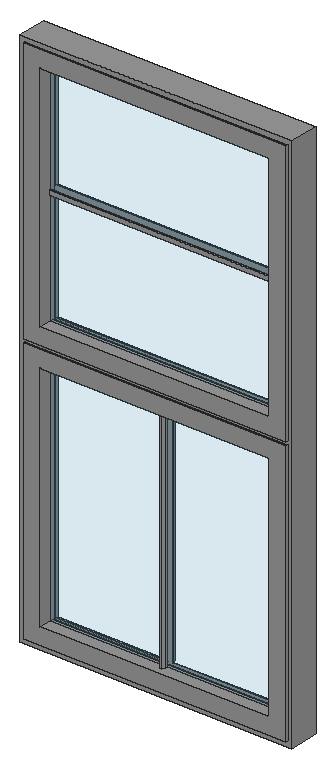
Revit family "Kawneer_Window_GT70s_Pos0081", category Windows, host Wall, Revit 2020 (continued)
Definition of nested family "Kawneer_GT70s_Pos008"
  Definition of nested family "Kawneer_GT70s_Jamb8"
    Lines and regions (mm)
      model lines, in view "Ref. Level", detail levels fine
        curve 290: arc (-18.474, 4, 0) -> (-18.12, 4.146, 0) -> (-17.974, 4.5, 0) r 0.5
        curve 291: arc (-20.374, 4.5, 0) -> (-20.227, 4.146, 0) -> (-19.874, 4, 0) r 0.5
        curve 292: arc (-20.174, 5, 0) -> (-20.315, 4.941, 0) -> (-20.374, 4.8, 0) r 0.2
        curve 293: arc (-19.674, 5, 0) -> (-19.32, 5.146, 0) -> (-19.174, 5.5, 0) r 0.5
        curve 294: arc (-19.174, 6.1, 0) -> (-19.32, 6.454, 0) -> (-19.674, 6.6, 0) r 0.5
        curve 295: arc (-23.774, 6.6, 0) -> (-24.127, 6.454, 0) -> (-24.274, 6.1, 0) r 0.5
        curve 296: arc (-24.274, 5.5, 0) -> (-24.127, 5.146, 0) -> (-23.774, 5, 0) r 0.5
        curve 297: arc (-23.274, 4.8, 0) -> (-23.332, 4.941, 0) -> (-23.474, 5, 0) r 0.2
        curve 298: arc (-23.774, 4, 0) -> (-23.42, 4.146, 0) -> (-23.274, 4.5, 0) r 0.5
        curve 299: arc (-25.074, 4.5, 0) -> (-24.936, 4.156, 0) -> (-24.599, 4.001, 0) r 0.5
        curve 300: arc (-25.074, 5.7, 0) -> (-25.22, 6.054, 0) -> (-25.574, 6.2, 0) r 0.5
        curve 301: arc (-38.474, 6.2, 0) -> (-39.534, 5.761, 0) -> (-39.974, 4.7, 0) r 1.5
        curve 302: arc (-39.974, 2.5, 0) -> (-39.827, 2.146, 0) -> (-39.474, 2, 0) r 0.5
        curve 303: arc (-35.474, 1.5, 0) -> (-35.62, 1.854, 0) -> (-35.974, 2, 0) r 0.5
        curve 304: arc (-35.974, -2.5, 0) -> (-35.62, -2.354, 0) -> (-35.474, -2, 0) r 0.5
        curve 305: arc (-36.974, -2, 0) -> (-36.827, -2.354, 0) -> (-36.474, -2.5, 0) r 0.5
        curve 306: arc (-36.974, -0.5, 0) -> (-37.12, -0.146, 0) -> (-37.474, 0, 0) r 0.5
        curve 307: arc (-39.714, 0.154, 0) -> (-40.086, 0.112, 0) -> (-40.128, -0.26, 0) r 0.3
        curve 308: arc (-39.974, -0.793, 0) -> (-40.013, -0.515, 0) -> (-40.128, -0.26, 0) r 1
        curve 309: arc (-40.128, -19.74, 0) -> (-40.013, -19.485, 0) -> (-39.974, -19.207, 0) r 1
        curve 310: arc (-40.128, -19.74, 0) -> (-40.086, -20.112, 0) -> (-39.714, -20.154, 0) r 0.3
        curve 311: arc (-39.181, -20, 0) -> (-39.458, -20.039, 0) -> (-39.714, -20.154, 0) r 1
        curve 312: arc (-37.474, -20, 0) -> (-37.12, -19.854, 0) -> (-36.974, -19.5, 0) r 0.5
        curve 313: arc (-36.474, -17.5, 0) -> (-36.827, -17.646, 0) -> (-36.974, -18, 0) r 0.5
        curve 314: arc (-35.474, -18, 0) -> (-35.62, -17.646, 0) -> (-35.974, -17.5, 0) r 0.5
        curve 315: arc (-35.974, -22, 0) -> (-35.62, -21.854, 0) -> (-35.474, -21.5, 0) r 0.5
        curve 316: arc (-41.8, -21.9, 0) -> (-41.727, -21.973, 0) -> (-41.627, -22, 0) r 0.2
        curve 317: arc (-41.8, -21.9, 0) -> (-41.874, -21.827, 0) -> (-41.974, -21.8, 0) r 0.2
        curve 318: arc (-42.774, -21.8, 0) -> (-43.127, -21.946, 0) -> (-43.274, -22.3, 0) r 0.5
        curve 319: arc (-43.724, -24.927, 0) -> (-43.424, -24.927, 0) -> (-43.274, -24.667, 0) r 0.3
        curve 320: arc (-45.301, -23.558, 0) -> (-45.562, -23.666, 0) -> (-45.454, -23.928, 0) r 0.2
        curve 321: arc (-44.687, -22.077, 0) -> (-44.706, -21.889, 0) -> (-44.873, -21.8, 0) r 0.2
        curve 322: arc (-48.474, -21.8, 0) -> (-48.615, -21.859, 0) -> (-48.674, -22.001, 0) r 0.2
        curve 323: arc (-47.858, -24.3, 0) -> (-47.658, -24.085, 0) -> (-47.887, -23.902, 0) r 0.2
        curve 324: arc (-50.401, -23.375, 0) -> (-49.413, -24.059, 0) -> (-48.235, -24.3, 0) r 3
        curve 325: arc (-50.401, -23.375, 0) -> (-51.124, -23.067, 0) -> (-51.846, -23.375, 0) r 1
        curve 326: arc (-54.012, -24.3, 0) -> (-52.835, -24.059, 0) -> (-51.846, -23.375, 0) r 3
        curve 327: arc (-54.36, -23.902, 0) -> (-54.589, -24.085, 0) -> (-54.39, -24.3, 0) r 0.2
        curve 328: arc (-53.574, -22, 0) -> (-53.632, -21.859, 0) -> (-53.774, -21.8, 0) r 0.2
        curve 329: arc (-57.375, -21.8, 0) -> (-57.542, -21.889, 0) -> (-57.56, -22.077, 0) r 0.2
        curve 330: arc (-56.794, -23.928, 0) -> (-56.685, -23.666, 0) -> (-56.947, -23.558, 0) r 0.2
        curve 331: arc (-58.974, -24.667, 0) -> (-58.824, -24.927, 0) -> (-58.524, -24.927, 0) r 0.3
        curve 332: arc (-58.974, -10.5, 0) -> (-59.12, -10.146, 0) -> (-59.474, -10, 0) r 0.5
        curve 333: arc (-63.774, -9, 0) -> (-63.481, -9.707, 0) -> (-62.774, -10, 0) r 1
        curve 334: arc (-62.761, -6.22, 0) -> (-63.5, -6.884, 0) -> (-63.774, -7.839, 0) r 1.8
        curve 335: arc (-62.474, -6.4, 0) -> (-62.568, -6.23, 0) -> (-62.761, -6.22, 0) r 0.2
        curve 336: arc (-62.474, -7.8, 0) -> (-62.327, -8.154, 0) -> (-61.974, -8.3, 0) r 0.5
        curve 337: arc (-59.474, -8.3, 0) -> (-59.12, -8.154, 0) -> (-58.974, -7.8, 0) r 0.5
        curve 338: arc (-58.974, 5.7, 0) -> (-59.12, 6.054, 0) -> (-59.474, 6.2, 0) r 0.5
        curve 339: arc (-61.974, 6.2, 0) -> (-62.327, 6.054, 0) -> (-62.474, 5.7, 0) r 0.5
        curve 340: arc (-62.751, 3.816, 0) -> (-62.563, 3.833, 0) -> (-62.474, 4, 0) r 0.2
        curve 341: arc (-63.974, 5.658, 0) -> (-63.629, 4.536, 0) -> (-62.713, 3.8, 0) r 2
        curve 342: arc (-62.974, 8, 0) -> (-63.681, 7.707, 0) -> (-63.974, 7, 0) r 1
        curve 343: arc (-57.524, -39.3, 0) -> (-57.462, -43.91, 0) -> (-57.277, -48.516, 0) r 172.47
        curve 344: arc (-57.277, -48.516, 0) -> (-57.071, -49.458, 0) -> (-56.579, -50.286, 0) r 3.002
        curve 345: arc (-54.493, -53.867, 0) -> (-54.673, -52.839, 0) -> (-55.194, -51.936, 0) r 2.996
        curve 346: arc (-54.493, -54.329, 0) -> (-54.475, -54.457, 0) -> (-54.425, -54.576, 0) r 0.5
        curve 347: arc (-53.774, -56.8, 0) -> (-53.632, -56.741, 0) -> (-53.574, -56.6, 0) r 0.2
        curve 348: arc (-55.054, -56.35, 0) -> (-55.054, -56.65, 0) -> (-54.794, -56.8, 0) r 0.3
        curve 349: arc (-55.054, -56.35, 0) -> (-55.574, -55.45, 0) -> (-56.093, -56.35, 0) r 0.6
        curve 350: arc (-56.353, -56.8, 0) -> (-56.093, -56.65, 0) -> (-56.093, -56.35, 0) r 0.3
        curve 351: arc (-57.374, -56.6, 0) -> (-57.315, -56.741, 0) -> (-57.174, -56.8, 0) r 0.2
        curve 352: arc (-56.87, -54.429, 0) -> (-57.088, -53.72, 0) -> (-57.619, -53.201, 0) r 1.5
        curve 353: arc (-58.924, -51.87, 0) -> (-58.79, -52.37, 0) -> (-58.424, -52.736, 0) r 1
        curve 354: arc (-58.424, -25.864, 0) -> (-58.79, -26.23, 0) -> (-58.924, -26.73, 0) r 1
        curve 355: arc (-57.619, -25.399, 0) -> (-57.088, -24.88, 0) -> (-56.87, -24.171, 0) r 1.5
        curve 356: arc (-57.174, -21.8, 0) -> (-57.315, -21.859, 0) -> (-57.374, -22, 0) r 0.2
        curve 357: arc (-56.093, -22.25, 0) -> (-56.093, -21.95, 0) -> (-56.353, -21.8, 0) r 0.3
        curve 358: arc (-56.093, -22.25, 0) -> (-55.574, -23.15, 0) -> (-55.054, -22.25, 0) r 0.6
        curve 359: arc (-54.794, -21.8, 0) -> (-55.054, -21.95, 0) -> (-55.054, -22.25, 0) r 0.3
        curve 360: arc (-53.574, -21.9, 0) -> (-53.633, -21.813, 0) -> (-53.738, -21.803, 0) r 0.124
        curve 361: arc (-54.426, -24.026, 0) -> (-54.475, -24.144, 0) -> (-54.493, -24.271, 0) r 0.5
        curve 362: arc (-55.195, -26.665, 0) -> (-54.645, -25.773, 0) -> (-54.493, -24.737, 0) r 2.599
        curve 363: arc (-56.579, -28.315, 0) -> (-57.069, -29.143, 0) -> (-57.277, -30.083, 0) r 3.049
        curve 364: arc (-57.277, -30.083, 0) -> (-57.429, -33.587, 0) -> (-57.51, -37.094, 0) r 172.05
        curve 365: arc (-57.51, -37.094, 0) -> (-57.365, -37.451, 0) -> (-57.01, -37.6, 0) r 0.5
        curve 366: arc (-48.124, -38.2, 0) -> (-48.299, -37.776, 0) -> (-48.724, -37.6, 0) r 0.6
        curve 367: arc (-48.724, -38.8, 0) -> (-48.299, -38.624, 0) -> (-48.124, -38.2, 0) r 0.6
        curve 368: arc (-57.024, -38.8, 0) -> (-57.377, -38.946, 0) -> (-57.524, -39.3, 0) r 0.5
        curve 369: arc (-38.821, -46.799, 0) -> (-37.76, -46.359, 0) -> (-37.321, -45.299, 0) r 1.5
        curve 370: arc (-37.321, -38.899, 0) -> (-37.614, -38.192, 0) -> (-38.321, -37.899, 0) r 1
        curve 371: arc (-41.891, -37.899, 0) -> (-42.345, -38.008, 0) -> (-42.7, -38.311, 0) r 1
        curve 372: arc (-43.83, -39.866, 0) -> (-43.972, -40.145, 0) -> (-44.021, -40.454, 0) r 1
        curve 373: arc (-44.021, -45.299, 0) -> (-43.582, -46.359, 0) -> (-42.521, -46.799, 0) r 1.5
        curve 374: arc (-43.004, -36.906, 0) -> (-42.679, -37.123, 0) -> (-42.297, -37.199, 0) r 1
        curve 375: arc (-38.321, -37.199, 0) -> (-37.614, -36.906, 0) -> (-37.321, -36.199, 0) r 1
        curve 376: arc (-37.321, -29.799, 0) -> (-37.76, -28.738, 0) -> (-38.821, -28.299, 0) r 1.5
        curve 377: arc (-42.521, -28.299, 0) -> (-43.582, -28.738, 0) -> (-44.021, -29.799, 0) r 1.5
        curve 378: arc (-44.021, -35.474, 0) -> (-43.945, -35.857, 0) -> (-43.728, -36.182, 0) r 1
        curve 379: arc (-42.321, -47.799, 0) -> (-43.028, -48.092, 0) -> (-43.321, -48.799, 0) r 1
        curve 380: arc (-43.821, -52.736, 0) -> (-43.455, -52.37, 0) -> (-43.321, -51.87, 0) r 1
        curve 381: arc (-44.626, -53.201, 0) -> (-45.157, -53.72, 0) -> (-45.374, -54.429, 0) r 1.5
        curve 382: arc (-45.071, -56.8, 0) -> (-44.93, -56.741, 0) -> (-44.871, -56.6, 0) r 0.2
        curve 383: arc (-46.151, -56.35, 0) -> (-46.151, -56.65, 0) -> (-45.892, -56.8, 0) r 0.3
        curve 384: arc (-46.151, -56.35, 0) -> (-46.671, -55.448, 0) -> (-47.191, -56.35, 0) r 0.601
        curve 385: arc (-47.45, -56.8, 0) -> (-47.19, -56.65, 0) -> (-47.191, -56.35, 0) r 0.3
        curve 386: arc (-48.671, -56.6, 0) -> (-48.612, -56.741, 0) -> (-48.471, -56.8, 0) r 0.2
        curve 387: arc (-47.819, -54.574, 0) -> (-47.77, -54.456, 0) -> (-47.752, -54.33, 0) r 0.5
        curve 388: arc (-47.051, -51.936, 0) -> (-47.571, -52.838, 0) -> (-47.752, -53.863, 0) r 2.996
        curve 389: arc (-45.723, -50.353, 0) -> (-45.202, -49.451, 0) -> (-45.021, -48.425, 0) r 3
        curve 390: arc (-45.021, -41.499, 0) -> (-45.167, -41.145, 0) -> (-45.521, -40.999, 0) r 0.5
        curve 391: arc (-53.321, -39.799, 0) -> (-53.921, -40.399, 0) -> (-53.321, -40.999, 0) r 0.6
        curve 392: arc (-45.272, -39.799, 0) -> (-45.045, -39.744, 0) -> (-44.868, -39.593, 0) r 0.5
        curve 393: arc (-44.15, -38.605, 0) -> (-43.947, -37.65, 0) -> (-44.522, -36.86, 0) r 1.2
        curve 394: arc (-45.021, -35.993, 0) -> (-44.888, -36.493, 0) -> (-44.522, -36.86, 0) r 1
        curve 395: arc (-45.021, -30.173, 0) -> (-45.202, -29.148, 0) -> (-45.723, -28.247, 0) r 3
        curve 396: arc (-47.752, -24.737, 0) -> (-47.571, -25.762, 0) -> (-47.051, -26.664, 0) r 2.996
        curve 397: arc (-47.752, -24.27, 0) -> (-47.77, -24.144, 0) -> (-47.819, -24.026, 0) r 0.5
        curve 398: arc (-48.471, -21.8, 0) -> (-48.612, -21.859, 0) -> (-48.671, -22, 0) r 0.2
        curve 399: arc (-47.191, -22.25, 0) -> (-47.192, -21.948, 0) -> (-47.455, -21.8, 0) r 0.3
        curve 400: arc (-47.191, -22.25, 0) -> (-46.671, -23.173, 0) -> (-46.151, -22.25, 0) r 0.608
        curve 401: arc (-45.892, -21.8, 0) -> (-46.151, -21.95, 0) -> (-46.151, -22.25, 0) r 0.3
        curve 402: arc (-44.871, -22, 0) -> (-44.93, -21.859, 0) -> (-45.071, -21.8, 0) r 0.2
        curve 403: arc (-45.374, -24.171, 0) -> (-45.157, -24.88, 0) -> (-44.626, -25.399, 0) r 1.5
        curve 404: arc (-43.326, -26.626, 0) -> (-43.482, -26.186, 0) -> (-43.821, -25.864, 0) r 1
        curve 405: arc (-43.326, -26.626, 0) -> (-43.083, -27.106, 0) -> (-42.58, -27.299, 0) r 0.75
        curve 406: arc (-36.321, -28.799, 0) -> (-36.76, -27.738, 0) -> (-37.821, -27.299, 0) r 1.5
        curve 407: arc (-36.821, -47.799, 0) -> (-36.467, -47.652, 0) -> (-36.321, -47.299, 0) r 0.5
        curve 408: arc (-22.694, -47.702, 0) -> (-22.885, -47.74, 0) -> (-23.047, -47.848, 0) r 0.5
        curve 409: arc (-21.414, -48.302, 0) -> (-21.516, -47.886, 0) -> (-21.904, -47.702, 0) r 0.5
        curve 410: arc (-22.394, -49.102, 0) -> (-21.761, -48.877, 0) -> (-21.414, -48.302, 0) r 1
        curve 411: arc (-23.194, -48.602, 0) -> (-23.047, -48.956, 0) -> (-22.694, -49.102, 0) r 0.5
        curve 412: arc (-23.047, -47.848, 0) -> (-23.155, -48.011, 0) -> (-23.194, -48.202, 0) r 0.5
        curve 413: arc (-22.694, -49.764, 0) -> (-23.047, -49.911, 0) -> (-23.194, -50.264, 0) r 0.5
        curve 414: arc (-21.894, -50.264, 0) -> (-22.04, -49.911, 0) -> (-22.394, -49.764, 0) r 0.5
        curve 415: arc (-22.394, -51.164, 0) -> (-22.04, -51.018, 0) -> (-21.894, -50.664, 0) r 0.5
        curve 416: arc (-23.194, -50.664, 0) -> (-23.047, -51.018, 0) -> (-22.694, -51.164, 0) r 0.5
        curve 417: arc (-23.674, -46.438, 0) -> (-23.127, -47.121, 0) -> (-22.341, -46.737, 0) r 0.7
        curve 418: arc (-23.674, -45.279, 0) -> (-23.752, -45.12, 0) -> (-23.925, -45.085, 0) r 0.2
        curve 419: arc (-23.925, -45.085, 0) -> (-24.462, -45.326, 0) -> (-24.893, -45.727, 0) r 1.8
        curve 420: arc (-24.893, -45.727, 0) -> (-25.171, -46.246, 0) -> (-25.267, -46.826, 0) r 1.8
        curve 421: arc (-27.731, -50.168, 0) -> (-26.173, -49.78, 0) -> (-25.402, -48.371, 0) r 2
        curve 422: arc (-37.664, -48.295, 0) -> (-37.899, -48.317, 0) -> (-37.716, -48.466, 0) r 0.127
        curve 423: arc (-33.841, -49.048, 0) -> (-33.331, -48.839, 0) -> (-33.323, -48.288, 0) r 0.5
        curve 424: arc (-33.323, -48.288, 0) -> (-34.229, -47.441, 0) -> (-35.431, -47.133, 0) r 2.5
        curve 425: arc (-38.46, -47.133, 0) -> (-39.42, -47.855, 0) -> (-38.994, -48.978, 0) r 1
        curve 426: arc (-38.754, -49.145, 0) -> (-34.371, -51.727, 0) -> (-29.66, -53.647, 0) r 35
        curve 427: arc (-23.986, -55.49, 0) -> (-23.807, -55.462, 0) -> (-23.724, -55.3, 0) r 0.2
        curve 428: arc (-22.326, -52.387, 0) -> (-23.047, -51.733, 0) -> (-23.724, -52.433, 0) r 0.7
        curve 429: arc (-19.374, -51.718, 0) -> (-19.264, -51.608, 0) -> (-19.224, -51.458, 0) r 0.3
        curve 430: arc (-19.224, -50.238, 0) -> (-19.627, -49.835, 0) -> (-20.029, -50.238, 0) r 0.403
        curve 431: arc (-20.679, -50.444, 0) -> (-20.354, -50.769, 0) -> (-20.029, -50.444, 0) r 0.325
        curve 432: arc (-20.351, -49.261, 0) -> (-20.589, -49.444, 0) -> (-20.679, -49.731, 0) r 0.5
        curve 433: arc (-20.351, -49.261, 0) -> (-19.638, -48.712, 0) -> (-19.367, -47.853, 0) r 1.5
        curve 434: arc (-19.367, -47.62, 0) -> (-19.406, -47.473, 0) -> (-19.512, -47.364, 0) r 0.3
        curve 435: arc (-21.238, 5.418, 0) -> (-21.302, 5.548, 0) -> (-21.437, 5.601, 0) r 0.2
        curve 436: arc (-22.11, 5.601, 0) -> (-22.245, 5.548, 0) -> (-22.309, 5.418, 0) r 0.2
        curve 437: arc (-22.423, 4.118, 0) -> (-22.371, 3.966, 0) -> (-22.224, 3.901, 0) r 0.2
        curve 438: arc (-21.324, 3.901, 0) -> (-21.176, 3.965, 0) -> (-21.124, 4.118, 0) r 0.2
        curve 439: arc (-19.297, 0.801, 0) -> (-18.751, 1.016, 0) -> (-18.499, 1.547, 0) r 0.8
        curve 440: arc (-18.499, 1.547, 0) -> (-18.481, 2.183, 0) -> (-18.512, 2.818, 0) r 8.2
        curve 441: arc (-18.512, 2.818, 0) -> (-18.576, 2.948, 0) -> (-18.711, 3.001, 0) r 0.2
        curve 442: arc (-22.904, 3.001, 0) -> (-23.002, 2.92, 0) -> (-22.942, 2.808, 0) r 0.1
        curve 443: arc (-22.942, 2.808, 0) -> (-21.636, 2.548, 0) -> (-20.328, 2.797, 0) r 3.48
        curve 444: arc (-19.185, 1.718, 0) -> (-19.412, 2.623, 0) -> (-20.328, 2.797, 0) r 0.866
        curve 445: arc (-19.862, 0.984, 0) -> (-19.445, 1.279, 0) -> (-19.185, 1.718, 0) r 1.222
        curve 446: arc (-23.134, 1.597, 0) -> (-23.616, 1.905, 0) -> (-23.925, 1.423, 0) r 0.405
        curve 447: arc (-23.134, 1.597, 0) -> (-22.816, 1.058, 0) -> (-22.242, 0.809, 0) r 1.009
        curve 448: arc (-22.242, 0.809, 0) -> (-21.978, 0.8, 0) -> (-21.714, 0.822, 0) r 2.275
        curve 449: arc (-21.714, 0.822, 0) -> (-21.455, 0.873, 0) -> (-21.204, 0.955, 0) r 2.275
        curve 450: arc (-21.204, 0.955, 0) -> (-20.515, 1.326, 0) -> (-19.936, 1.851, 0) r 3.222
        curve 451: arc (-19.936, 1.851, 0) -> (-19.928, 2.011, 0) -> (-20.081, 2.057, 0) r 0.13
        curve 452: arc (-25.066, 3.524, 0) -> (-22.823, 1.942, 0) -> (-20.081, 2.057, 0) r 4.258
        curve 453: arc (-24.824, 4.001, 0) -> (-25.091, 3.837, 0) -> (-25.066, 3.524, 0) r 0.3
        curve 454: arc (-23.424, 4.001, 0) -> (-23.282, 4.059, 0) -> (-23.224, 4.201, 0) r 0.2
        curve 455: arc (-23.724, 5.747, 0) -> (-23.821, 5.54, 0) -> (-23.658, 5.377, 0) r 0.2
        curve 456: arc (-19.889, 5.377, 0) -> (-19.727, 5.54, 0) -> (-19.824, 5.747, 0) r 0.2
        curve 457: arc (-20.324, 4.201, 0) -> (-20.265, 4.059, 0) -> (-20.124, 4.001, 0) r 0.2
        curve 458: arc (-17.829, 3.754, 0) -> (-17.931, 3.931, 0) -> (-18.124, 4.001, 0) r 0.3
        curve 459: arc (-17.701, 1.486, 0) -> (-17.694, 2.624, 0) -> (-17.829, 3.754, 0) r 9.161
        curve 460: arc (-19.298, -0.005, 0) -> (-18.206, 0.426, 0) -> (-17.701, 1.486, 0) r 1.6
        curve 461: arc (-23.925, 1.423, 0) -> (-23.295, 0.402, 0) -> (-22.167, -0.005, 0) r 1.819
        curve 462: arc (-34.324, -68.117, 0) -> (-34.376, -67.965, 0) -> (-34.523, -67.9, 0) r 0.2
        curve 463: arc (-35.323, -67.9, 0) -> (-35.471, -67.965, 0) -> (-35.523, -68.117, 0) r 0.2
        curve 464: arc (-35.409, -69.417, 0) -> (-35.345, -69.547, 0) -> (-35.21, -69.6, 0) r 0.2
        curve 465: arc (-36.44, -69.131, 0) -> (-36.763, -69.47, 0) -> (-36.61, -69.913, 0) r 0.45
        curve 466: arc (-36.323, -68.3, 0) -> (-36.411, -68.088, 0) -> (-36.623, -68, 0) r 0.3
        curve 467: arc (-39.022, -68, 0) -> (-39.243, -68.097, 0) -> (-39.321, -68.324, 0) r 0.3
        curve 468: arc (-40.702, -71.09, 0) -> (-40.149, -71.752, 0) -> (-39.323, -72, 0) r 1.5
        curve 469: arc (-40.702, -71.09, 0) -> (-41.49, -70.008, 0) -> (-42.671, -69.376, 0) r 3
        curve 470: arc (-46.376, -67.337, 0) -> (-46.914, -67.746, 0) -> (-46.554, -68.317, 0) r 0.5
        curve 471: arc (-41.359, -67.798, 0) -> (-40.995, -67.686, 0) -> (-40.816, -67.35, 0) r 0.5
        curve 472: arc (-39.323, -66, 0) -> (-40.33, -66.388, 0) -> (-40.816, -67.35, 0) r 1.5
        curve 473: arc (-30.823, -67.5, 0) -> (-31.263, -66.439, 0) -> (-32.323, -66, 0) r 1.5
        curve 474: arc (-33.223, -68, 0) -> (-33.435, -68.088, 0) -> (-33.523, -68.3, 0) r 0.3
        curve 475: arc (-30.344, -28.757, 0) -> (-30.373, -29.046, 0) -> (-30.236, -29.302, 0) r 0.5
        curve 476: arc (-25.931, -33.607, 0) -> (-25.386, -33.715, 0) -> (-25.077, -33.254, 0) r 0.5
        curve 477: arc (-25.077, -28.948, 0) -> (-25.223, -28.595, 0) -> (-25.577, -28.448, 0) r 0.5
        curve 478: arc (-29.883, -28.448, 0) -> (-30.16, -28.532, 0) -> (-30.344, -28.757, 0) r 0.5
        curve 479: arc (-25.077, -39.289, 0) -> (-25.223, -38.936, 0) -> (-25.577, -38.789, 0) r 0.5
        curve 480: arc (-29.883, -38.789, 0) -> (-30.236, -38.936, 0) -> (-30.383, -39.289, 0) r 0.5
        curve 481: arc (-30.383, -40.954, 0) -> (-30.236, -41.308, 0) -> (-29.883, -41.454, 0) r 0.5
        curve 482: arc (-25.577, -41.454, 0) -> (-25.223, -41.308, 0) -> (-25.077, -40.954, 0) r 0.5
        curve 483: arc (-30.236, -37.143, 0) -> (-30.074, -37.251, 0) -> (-29.883, -37.289, 0) r 0.5
        curve 484: arc (-25.577, -37.289, 0) -> (-25.115, -36.98, 0) -> (-25.223, -36.436, 0) r 0.5
        curve 485: arc (-29.529, -32.13, 0) -> (-30.074, -32.022, 0) -> (-30.383, -32.484, 0) r 0.5
        curve 486: arc (-30.383, -36.789, 0) -> (-30.344, -36.98, 0) -> (-30.236, -37.143, 0) r 0.5
        curve 487: arc (-31.883, -35.67, 0) -> (-32.132, -35.374, 0) -> (-32.466, -35.571, 0) r 0.3
        curve 488: arc (-32.608, -35.7, 0) -> (-32.521, -35.654, 0) -> (-32.466, -35.571, 0) r 0.2
        curve 489: arc (-34.191, -35.462, 0) -> (-34.369, -35.831, 0) -> (-34.013, -36.033, 0) r 0.3
        curve 490: arc (-32.01, -34.614, 0) -> (-31.917, -34.54, 0) -> (-31.883, -34.427, 0) r 0.2
        curve 491: arc (-31.883, -29.15, 0) -> (-32.142, -28.873, 0) -> (-32.466, -29.071, 0) r 0.3
        curve 492: arc (-32.608, -29.2, 0) -> (-32.521, -29.154, 0) -> (-32.466, -29.071, 0) r 0.2
        curve 493: arc (-34.191, -28.962, 0) -> (-34.369, -29.331, 0) -> (-34.013, -29.533, 0) r 0.3
        curve 494: arc (-32.01, -28.114, 0) -> (-31.918, -28.041, 0) -> (-31.882, -27.93, 0) r 0.2
        curve 495: arc (-30.88, -26.941, 0) -> (-31.585, -27.229, 0) -> (-31.882, -27.93, 0) r 1
        curve 496: arc (-24.696, -26.957, 0) -> (-24.304, -26.884, 0) -> (-23.971, -26.665, 0) r 1
        curve 497: arc (-23.971, -26.665, 0) -> (-23.753, -26.34, 0) -> (-23.677, -25.957, 0) r 1
        curve 498: arc (-23.177, -19.551, 0) -> (-23.531, -19.698, 0) -> (-23.677, -20.051, 0) r 0.5
        curve 499: arc (-22.677, -19.551, 0) -> (-22.465, -19.463, 0) -> (-22.377, -19.251, 0) r 0.3
        curve 500: arc (-21.877, -17.551, 0) -> (-22.231, -17.698, 0) -> (-22.377, -18.051, 0) r 0.5
        curve 501: arc (-20.631, -17.805, 0) -> (-20.814, -17.619, 0) -> (-21.065, -17.551, 0) r 0.5
        curve 502: arc (-19.077, -20.676, 0) -> (-19.094, -20.549, 0) -> (-19.142, -20.43, 0) r 0.5
        curve 503: arc (-19.577, -22.541, 0) -> (-19.223, -22.395, 0) -> (-19.077, -22.041, 0) r 0.5
        curve 504: arc (-20.077, -22.541, 0) -> (-20.431, -22.688, 0) -> (-20.577, -23.041, 0) r 0.5
        curve 505: arc (-20.577, -25.546, 0) -> (-20.431, -25.899, 0) -> (-20.077, -26.046, 0) r 0.5
        curve 506: arc (-19.078, -26.571, 0) -> (-19.225, -26.19, 0) -> (-19.608, -26.047, 0) r 0.5
        curve 507: arc (-19.431, -28.155, 0) -> (-19.175, -27.974, 0) -> (-19.077, -27.677, 0) r 0.5
        curve 508: arc (-22.162, -28.99, 0) -> (-23.185, -29.713, 0) -> (-23.577, -30.902, 0) r 2
        curve 509: arc (-23.577, -33.396, 0) -> (-23.299, -34.088, 0) -> (-22.621, -34.395, 0) r 1
        curve 510: arc (-19.077, -35.029, 0) -> (-19.216, -34.683, 0) -> (-19.555, -34.529, 0) r 0.5
        curve 511: arc (-19.555, -36.571, 0) -> (-19.216, -36.417, 0) -> (-19.077, -36.071, 0) r 0.5
        curve 512: arc (-22.621, -36.705, 0) -> (-23.299, -37.012, 0) -> (-23.577, -37.704, 0) r 1
        curve 513: arc (-23.577, -40.551, 0) -> (-23.284, -41.258, 0) -> (-22.577, -41.551, 0) r 1
        curve 514: arc (-19.784, -42.415, 0) -> (-19.662, -41.867, 0) -> (-20.127, -41.551, 0) r 0.5
        curve 515: arc (-22.31, -43.781, 0) -> (-21.964, -44.132, 0) -> (-21.484, -44.015, 0) r 0.5
        curve 516: arc (-22.473, -43.174, 0) -> (-22.58, -43.013, 0) -> (-22.762, -42.951, 0) r 0.3
        curve 517: arc (-29.883, -42.951, 0) -> (-30.236, -43.098, 0) -> (-30.383, -43.451, 0) r 0.5
        curve 518: arc (-31.883, -44.201, 0) -> (-31.133, -44.951, 0) -> (-30.383, -44.201, 0) r 0.75
        curve 519: arc (-31.883, -42.17, 0) -> (-31.953, -41.977, 0) -> (-32.132, -41.874, 0) r 0.3
        curve 520: arc (-32.132, -41.874, 0) -> (-32.335, -41.912, 0) -> (-32.466, -42.071, 0) r 0.3
        curve 521: arc (-32.608, -42.2, 0) -> (-32.521, -42.154, 0) -> (-32.466, -42.071, 0) r 0.2
        curve 522: arc (-34.191, -41.962, 0) -> (-34.369, -42.331, 0) -> (-34.013, -42.533, 0) r 0.3
        curve 523: arc (-32.01, -41.114, 0) -> (-31.917, -41.04, 0) -> (-31.883, -40.927, 0) r 0.2
        curve 524: arc (-58.874, -41.9, 0) -> (-63.489, -48.041, 0) -> (-70.924, -46.113, 0) r 6.903
        curve 525: arc (-70.924, -32.595, 0) -> (-65.019, -29.906, 0) -> (-58.874, -31.99, 0) r 8.809
        curve 526: arc (-78.474, 8, 0) -> (-78.827, 7.854, 0) -> (-78.974, 7.5, 0) r 0.5
        curve 527: arc (-78.974, -31.4, 0) -> (-78.827, -31.754, 0) -> (-78.474, -31.9, 0) r 0.5
        curve 528: arc (-77.174, -31.9, 0) -> (-76.82, -31.754, 0) -> (-76.674, -31.4, 0) r 0.5
        curve 529: arc (-76.674, -30.9, 0) -> (-76.82, -30.546, 0) -> (-77.174, -30.4, 0) r 0.5
        curve 530: arc (-77.774, -29.9, 0) -> (-77.627, -30.254, 0) -> (-77.274, -30.4, 0) r 0.5
        curve 531: arc (-77.274, -6.2, 0) -> (-77.627, -6.346, 0) -> (-77.774, -6.7, 0) r 0.5
        curve 532: arc (-61.682, -6.541, 0) -> (-61.639, -6.323, 0) -> (-61.824, -6.2, 0) r 0.2
        curve 533: arc (-62.424, -7.6, 0) -> (-62.365, -7.741, 0) -> (-62.224, -7.8, 0) r 0.2
        curve 534: arc (-61.758, -7.8, 0) -> (-61.628, -7.783, 0) -> (-61.508, -7.733, 0) r 0.5
        curve 535: arc (-59.877, -6.792, 0) -> (-59.455, -5.772, 0) -> (-60.33, -5.1, 0) r 0.906
        curve 536: arc (-77.718, -4.082, 0) -> (-77.432, -4.801, 0) -> (-76.718, -5.1, 0) r 1
        curve 537: arc (-76.052, 6.5, 0) -> (-77.084, 6.089, 0) -> (-77.55, 5.08, 0) r 1.5
        curve 538: arc (-67.474, 6.25, 0) -> (-67.657, 6.433, 0) -> (-67.907, 6.5, 0) r 0.5
        curve 539: arc (-65.944, 3.6, 0) -> (-65.212, 2.868, 0) -> (-64.212, 2.6, 0) r 2
        curve 540: arc (-61.532, 2.6, 0) -> (-61.07, 2.909, 0) -> (-61.179, 3.454, 0) r 0.5
        curve 541: arc (-61.737, 4.012, 0) -> (-61.949, 4.1, 0) -> (-62.162, 4.012, 0) r 0.3
        curve 542: arc (-62.539, 3.8, 0) -> (-62.386, 3.83, 0) -> (-62.257, 3.917, 0) r 0.4
        curve 543: arc (-64.962, 4.3, 0) -> (-64.596, 3.934, 0) -> (-64.096, 3.8, 0) r 1
        curve 544: arc (-65.54, 6.8, 0) -> (-65.973, 6.55, 0) -> (-65.973, 6.05, 0) r 0.5
        curve 545: arc (-64.374, 6.8, 0) -> (-64.232, 6.859, 0) -> (-64.174, 7, 0) r 0.2
        curve 546: arc (-64.174, 7.5, 0) -> (-64.32, 7.854, 0) -> (-64.674, 8, 0) r 0.5
        curve 547: arc (-76.371, -68.865, 0) -> (-76.415, -69.029, 0) -> (-76.568, -69.1, 0) r 0.2
        curve 548: arc (-76.887, -69.415, 0) -> (-76.901, -69.208, 0) -> (-76.724, -69.1, 0) r 0.2
        curve 549: arc (-76.304, -70.1, 0) -> (-76.396, -70.077, 0) -> (-76.467, -70.015, 0) r 0.2
        curve 550: arc (-75.566, -70, 0) -> (-75.639, -70.073, 0) -> (-75.739, -70.1, 0) r 0.2
        curve 551: arc (-75.147, -69.274, 0) -> (-74.974, -69.174, 0) -> (-74.8, -69.274, 0) r 0.2
        curve 552: arc (-74.208, -70.1, 0) -> (-74.308, -70.073, 0) -> (-74.381, -70, 0) r 0.2
        curve 553: arc (-73.48, -70.015, 0) -> (-73.551, -70.077, 0) -> (-73.644, -70.1, 0) r 0.2
        curve 554: arc (-73.224, -69.1, 0) -> (-73.046, -69.207, 0) -> (-73.06, -69.415, 0) r 0.2
        curve 555: arc (-73.379, -69.1, 0) -> (-73.532, -69.029, 0) -> (-73.576, -68.865, 0) r 0.2
        curve 556: arc (-71.185, -67.817, 0) -> (-71.249, -67.947, 0) -> (-71.384, -68, 0) r 0.2
        curve 557: arc (-71.008, -65, 0) -> (-70.86, -65.065, 0) -> (-70.808, -65.217, 0) r 0.2
        curve 558: arc (-72.913, -65.148, 0) -> (-72.842, -65.041, 0) -> (-72.72, -65, 0) r 0.2
        curve 559: arc (-73.075, -65.752, 0) -> (-73.147, -65.859, 0) -> (-73.268, -65.9, 0) r 0.2
        curve 560: arc (-76.68, -65.9, 0) -> (-76.801, -65.858, 0) -> (-76.872, -65.752, 0) r 0.2
        curve 561: arc (-77.227, -65, 0) -> (-77.105, -65.041, 0) -> (-77.034, -65.148, 0) r 0.2
        curve 562: arc (-79.139, -65.217, 0) -> (-79.087, -65.065, 0) -> (-78.94, -65, 0) r 0.2
        curve 563: arc (-78.564, -68, 0) -> (-78.699, -67.947, 0) -> (-78.763, -67.817, 0) r 0.2
        curve 564: line (-16.43, -35.8, 0) -> (-8.164, -35.8, 0)
        curve 565: line (-8.164, -34, 0) -> (-16.43, -34, 0)
        curve 566: line (-7.584, -38, 0) -> (-15.85, -38, 0)
        curve 567: line (-15.85, -36.2, 0) -> (-7.584, -36.2, 0)
        curve 568: line (-56.389, -37.3, 0) -> (-48.723, -37.3, 0)
        curve 569: line (-48.723, -39.1, 0) -> (-56.389, -39.1, 0)
        curve 570: line (-45.449, -41.299, 0) -> (-53.321, -41.299, 0)
        curve 571: line (-53.321, -39.499, 0) -> (-45.449, -39.499, 0)
        curve 572: line (-76.834, -35.939, 0) -> (-76.631, -35.658, 0)
        curve 573: line (-74.365, -35.567, 0) -> (-73.724, -36.314, 0)
        curve 574: line (-73.724, -36.314, 0) -> (-71.96, -34.661, 0)
        curve 575: line (-72.262, -37.005, 0) -> (-70.474, -37.005, 0)
        curve 576: line (-80.056, -35.212, 0) -> (-78.306, -36.947, 0)
        curve 577: line (-78.306, -36.947, 0) -> (-73.732, -32.12, 0)
        curve 578: line (-73.732, -32.12, 0) -> (-75.637, -31.366, 0)
        curve 579: line (-75.892, -31.492, 0) -> (-75.947, -31.825, 0)
        curve 580: line (-76.144, -32.005, 0) -> (-78.305, -32.005, 0)
        curve 581: line (-79.101, -31.048, 0) -> (-78.974, -29.677, 0)
        curve 582: line (-79.001, -35.212, 0) -> (-80.759, -35.212, 0)
        curve 583: line (-82.349, -37.005, 0) -> (-78.82, -37.005, 0)
        curve 584: line (-8.5, -1.4, 0) -> (-12, -1.4, 0)
        curve 585: line (-12, -1.4, 0) -> (-15.5, -1.4, 0)
        curve 586: line (-15.9, -1.8, 0) -> (-17, -1.8, 0)
        curve 587: line (-17.2, -2, 0) -> (-17.2, -3.013, 0)
        curve 588: line (-17.6, -3.413, 0) -> (-17.6, -9.306, 0)
        curve 589: line (-17.6, -9.306, 0) -> (-17.6, -15.2, 0)
        curve 590: line (-17.2, -15.6, 0) -> (-17.2, -16.5, 0)
        curve 591: line (-17, -16.7, 0) -> (-16.273, -16.7, 0)
        curve 592: line (-15.927, -16.9, 0) -> (-12, -16.9, 0)
        curve 593: line (-12, -16.9, 0) -> (-8.073, -16.9, 0)
        curve 594: line (-7.727, -16.7, 0) -> (-7, -16.7, 0)
        curve 595: line (-6.8, -16.5, 0) -> (-6.8, -15.6, 0)
        curve 596: line (-6.4, -15.2, 0) -> (-6.4, -9.306, 0)
        curve 597: line (-6.4, -9.306, 0) -> (-6.4, -3.413, 0)
        curve 598: line (-6.8, -3.013, 0) -> (-6.8, -2, 0)
        curve 599: line (-7, -1.8, 0) -> (-8.1, -1.8, 0)
        curve 600: line (-23.5, 0, 0) -> (-0.5, 0, 0)
        curve 601: line (0, -0.5, 0) -> (0, -2.342, 0)
        curve 602: line (-1.5, -4, 0) -> (-1.5, -2.3, 0)
        curve 603: line (-2, -1.8, 0) -> (-4.5, -1.8, 0)
        curve 604: line (-5, -2.3, 0) -> (-5, -15.8, 0)
        curve 605: line (-4.5, -16.3, 0) -> (-2, -16.3, 0)
        curve 606: line (-1.5, -15.8, 0) -> (-1.5, -14.4, 0)
        curve 607: line (-0.2, -15.839, 0) -> (-0.2, -18.6, 0)
        curve 608: line (-1.5, -19.4, 0) -> (-1.5, -18.2, 0)
        curve 609: line (-1.7, -18, 0) -> (-4.3, -18, 0)
        curve 610: line (-5, -18.7, 0) -> (-5, -21.367, 0)
        curve 611: line (-7.027, -20.258, 0) -> (-6.413, -18.777, 0)
        curve 612: line (-6.598, -18.5, 0) -> (-10.2, -18.5, 0)
        curve 613: line (-10.2, -18.5, 0) -> (-9.179, -18.5, 0)
        curve 614: line (-10.4, -18.7, 0) -> (-10.4, -19.24, 0)
        curve 615: line (-10.4, -19.24, 0) -> (-9.614, -20.602, 0)
        curve 616: line (-9.614, -20.602, 0) -> (-10.4, -19.25, 0)
        curve 617: line (-10.4, -19.25, 0) -> (-10.4, -18.7, 0)
        curve 618: line (-9.481, -21.437, 0) -> (-9.584, -21, 0)
        curve 619: line (-9.584, -21, 0) -> (-9.961, -21, 0)
        curve 620: line (-14.039, -21, 0) -> (-14.416, -21, 0)
        curve 621: line (-14.416, -21, 0) -> (-14.519, -21.437, 0)
        curve 622: line (-14.386, -20.602, 0) -> (-13.6, -19.24, 0)
        curve 623: line (-13.6, -19.24, 0) -> (-13.6, -18.7, 0)
        curve 624: line (-13.6, -18.7, 0) -> (-13.6, -19.24, 0)
        curve 625: line (-13.6, -19.25, 0) -> (-14.452, -20.726, 0)
        curve 626: line (-14.821, -18.5, 0) -> (-13.8, -18.5, 0)
        curve 627: line (-13.8, -18.5, 0) -> (-17.402, -18.5, 0)
        curve 628: line (-17.587, -18.777, 0) -> (-16.973, -20.258, 0)
        curve 629: line (-17.4, -18.7, 0) -> (-17.4, -19.581, 0)
        curve 630: line (-17.4, -19.581, 0) -> (-16.82, -20.628, 0)
        curve 631: line (-16.82, -20.628, 0) -> (-17.921, -21.264, 0)
        curve 632: line (-17.921, -21.264, 0) -> (-18.55, -21.627, 0)
        curve 633: line (-20.394, -22.655, 0) -> (-19, -21.367, 0)
        curve 634: line (-19, -21.367, 0) -> (-19, -18.7, 0)
        curve 635: line (-21.655, -17.551, 0) -> (-22.5, -18.2, 0)
        curve 636: line (-22.5, -18.2, 0) -> (-22.5, -19.4, 0)
        curve 637: line (-22.5, -19.4, 0) -> (-22.377, -18.051, 0)
        curve 638: line (-22.377, -18.051, 0) -> (-19.7, -18, 0)
        curve 639: line (-22.8, -19.6, 0) -> (-23.177, -19.551, 0)
        curve 640: line (-23.8, -18.6, 0) -> (-23.8, -15.839, 0)
        curve 641: line (-22.5, -14.4, 0) -> (-22.5, -15.8, 0)
        curve 642: line (-22, -16.3, 0) -> (-19.5, -16.3, 0)
        curve 643: line (-19, -15.8, 0) -> (-19, -2.3, 0)
        curve 644: line (-19.5, -1.8, 0) -> (-22, -1.8, 0)
        curve 645: line (-22.5, -2.3, 0) -> (-22.5, -4, 0)
        curve 646: line (-24, -2.342, 0) -> (-24, -0.5, 0)
        curve 647: line (-8.15, -35.5, 0) -> (-17.05, -35.5, 0)
        curve 648: line (-16.605, -46.985, 0) -> (-15.221, -48.635, 0)
        curve 649: line (-14.519, -50.563, 0) -> (-14.519, -51.022, 0)
        curve 650: line (-13.8, -53.5, 0) -> (-14.821, -53.5, 0)
        curve 651: line (-16.379, -53.5, 0) -> (-17.2, -53.5, 0)
        curve 652: line (-17.2, -53.5, 0) -> (-14.074, -53.5, 0)
        curve 653: line (-17.4, -53.3, 0) -> (-17.4, -52.419, 0)
        curve 654: line (-17.4, -52.419, 0) -> (-16.919, -51.258, 0)
        curve 655: line (-17.645, -49.901, 0) -> (-18.45, -49.436, 0)
        curve 656: line (-18.95, -48.57, 0) -> (-18.95, -46.5, 0)
        curve 657: line (-19.45, -46, 0) -> (-22.15, -46, 0)
        curve 658: line (-22.15, -46, 0) -> (-21.691, -46.044, 0)
        curve 659: line (-21.691, -46.044, 0) -> (-19.512, -47.364, 0)
        curve 660: line (-22.45, -46.3, 0) -> (-22.45, -46.9, 0)
        curve 661: line (-23.45, -46.9, 0) -> (-23.45, -43.9, 0)
        curve 662: line (-22.45, -43.9, 0) -> (-22.45, -44.5, 0)
        curve 663: line (-22.15, -44.8, 0) -> (-19.45, -44.8, 0)
        curve 664: line (-18.95, -44.3, 0) -> (-18.95, -23.43, 0)
        curve 665: line (-18.45, -22.564, 0) -> (-17.645, -22.099, 0)
        curve 666: line (-17.2, -18.5, 0) -> (-16.379, -18.5, 0)
        curve 667: line (-15.22, -23.364, 0) -> (-16.605, -25.014, 0)
        curve 668: line (-17.036, -34.3, 0) -> (-8.15, -34.3, 0)
        curve 669: line (-15.85, -36.5, 0) -> (-6.95, -36.5, 0)
        curve 670: line (-7.395, -25.014, 0) -> (-8.78, -23.364, 0)
        curve 671: line (-7.621, -18.5, 0) -> (-6.8, -18.5, 0)
        curve 672: line (-6.6, -18.7, 0) -> (-6.6, -19.581, 0)
        curve 673: line (-6.6, -19.581, 0) -> (-7.081, -20.742, 0)
        curve 674: line (-7.081, -20.742, 0) -> (-6.079, -21.264, 0)
        curve 675: line (-6.079, -21.264, 0) -> (-5.45, -21.627, 0)
        curve 676: line (-6.355, -22.099, 0) -> (-5.55, -22.564, 0)
        curve 677: line (-5.05, -23.43, 0) -> (-5.05, -44.3, 0)
        curve 678: line (-4.55, -44.8, 0) -> (-1.85, -44.8, 0)
        curve 679: line (-1.55, -44.5, 0) -> (-1.55, -43.9, 0)
        curve 680: line (-0.55, -43.9, 0) -> (-0.55, -46.9, 0)
        curve 681: line (-1.55, -46.9, 0) -> (-1.55, -46.3, 0)
        curve 682: line (-1.85, -46, 0) -> (-4.55, -46, 0)
        curve 683: line (-5.05, -46.5, 0) -> (-5.05, -48.57, 0)
        curve 684: line (-5.55, -49.436, 0) -> (-6.355, -49.901, 0)
        curve 685: line (-7.081, -51.258, 0) -> (-6.6, -52.419, 0)
        curve 686: line (-6.6, -52.419, 0) -> (-6.6, -53.3, 0)
        curve 687: line (-9.874, -53.5, 0) -> (-6.8, -53.5, 0)
        curve 688: line (-6.8, -53.5, 0) -> (-7.621, -53.5, 0)
        curve 689: line (-9.179, -53.5, 0) -> (-10.2, -53.5, 0)
        curve 690: line (-10.4, -53.3, 0) -> (-10.4, -52.75, 0)
        curve 691: line (-10.4, -52.75, 0) -> (-9.548, -51.274, 0)
        curve 692: line (-9.548, -51.274, 0) -> (-10.374, -52.76, 0)
        curve 693: line (-10.374, -52.76, 0) -> (-10.374, -53, 0)
        curve 694: line (-9.935, -51, 0) -> (-9.481, -51.024, 0)
        curve 695: line (-9.481, -51.024, 0) -> (-9.481, -50.563, 0)
        curve 696: line (-8.779, -48.635, 0) -> (-7.395, -46.985, 0)
        curve 697: line (-6.964, -37.7, 0) -> (-15.85, -37.7, 0)
        curve 698: line (-17.174, -55.5, 0) -> (-17.174, -70, 0)
        curve 699: line (-16.974, -70.2, 0) -> (-6.974, -70.2, 0)
        curve 700: line (-6.774, -70, 0) -> (-6.774, -55.5, 0)
        curve 701: line (-6.974, -55.3, 0) -> (-16.974, -55.3, 0)
        curve 702: line (-6.974, -72, 0) -> (-36.974, -72, 0)
        curve 703: line (-37.474, -72.5, 0) -> (-37.474, -80, 0)
        curve 704: line (-36.974, -80.5, 0) -> (-26.974, -80.5, 0)
        curve 705: line (-25.588, -81.426, 0) -> (-16.158, -104.191, 0)
        curve 706: line (-15.696, -104.5, 0) -> (-6.974, -104.5, 0)
        curve 707: line (-6.474, -104, 0) -> (-6.474, -72.5, 0)
        curve 708: line (-18.974, -69.711, 0) -> (-18.974, -56.2, 0)
        curve 709: line (-19.474, -55.7, 0) -> (-22.278, -55.7, 0)
        curve 710: line (-22.478, -55.9, 0) -> (-22.478, -57.1, 0)
        curve 711: line (-23.474, -56.5, 0) -> (-23.474, -53.3, 0)
        curve 712: line (-22.474, -53.3, 0) -> (-22.474, -53.9, 0)
        curve 713: line (-22.174, -54.2, 0) -> (-19.674, -54.2, 0)
        curve 714: line (-18.974, -53.5, 0) -> (-18.974, -50.746, 0)
        curve 715: line (-18.524, -50.486, 0) -> (-16.862, -51.445, 0)
        curve 716: line (-17.038, -51.803, 0) -> (-17.705, -53.412, 0)
        curve 717: line (-13.574, -53, 0) -> (-13.574, -52.76, 0)
        curve 718: line (-13.574, -52.76, 0) -> (-14.359, -51.4, 0)
        curve 719: line (-14.359, -51.4, 0) -> (-13.6, -52.75, 0)
        curve 720: line (-13.6, -52.75, 0) -> (-13.6, -53.3, 0)
        curve 721: line (-14.359, -51, 0) -> (-14.012, -51, 0)
        curve 722: line (-6.243, -53.412, 0) -> (-6.909, -51.803, 0)
        curve 723: line (-7.086, -51.445, 0) -> (-5.424, -50.486, 0)
        curve 724: line (-4.974, -50.746, 0) -> (-4.974, -53.3, 0)
        curve 725: line (-4.274, -54, 0) -> (-1.674, -54, 0)
        curve 726: line (-1.474, -53.8, 0) -> (-1.474, -52.6, 0)
        curve 727: line (-0.174, -53.4, 0) -> (-0.174, -56.161, 0)
        curve 728: line (-1.474, -57.6, 0) -> (-1.474, -56.2, 0)
        curve 729: line (-1.974, -55.7, 0) -> (-4.474, -55.7, 0)
        curve 730: line (-4.974, -56.2, 0) -> (-4.974, -69.7, 0)
        curve 731: line (-4.474, -70.2, 0) -> (-1.974, -70.2, 0)
        curve 732: line (-1.474, -69.7, 0) -> (-1.474, -68, 0)
        curve 733: line (0.026, -69.658, 0) -> (0.026, -71.5, 0)
        curve 734: line (-0.474, -72, 0) -> (-4.474, -72, 0)
        curve 735: line (-4.974, -72.5, 0) -> (-4.974, -87.5, 0)
        curve 736: line (-4.474, -88, 0) -> (-0.674, -88, 0)
        curve 737: line (-0.174, -88.5, 0) -> (-0.174, -90.161, 0)
        curve 738: line (-1.474, -91.6, 0) -> (-1.474, -90.2, 0)
        curve 739: line (-1.974, -89.7, 0) -> (-4.474, -89.7, 0)
        curve 740: line (-4.974, -90.2, 0) -> (-4.974, -103.7, 0)
        curve 741: line (-4.474, -104.2, 0) -> (-1.974, -104.2, 0)
        curve 742: line (-1.474, -103.7, 0) -> (-1.474, -102, 0)
        curve 743: line (0.026, -103.658, 0) -> (0.026, -105.5, 0)
        curve 744: line (-0.474, -106, 0) -> (-17.056, -106, 0)
        curve 745: line (-17.056, -106, 0) -> (-26.846, -82.309, 0)
        curve 746: line (-27.308, -82, 0) -> (-37.474, -82, 0)
        curve 747: line (-38.974, -80.5, 0) -> (-38.974, -68.5, 0)
        curve 748: line (-36.316, -66, 0) -> (-38.474, -68, 0)
        curve 749: line (-38.474, -68, 0) -> (-36.974, -68, 0)
        curve 750: line (-36.474, -68.5, 0) -> (-36.474, -68.8, 0)
        curve 751: line (-36.674, -69, 0) -> (-37.274, -69, 0)
        curve 752: line (-37.774, -69.5, 0) -> (-37.774, -70.1, 0)
        curve 753: line (-37.274, -70.6, 0) -> (-32.674, -70.6, 0)
        curve 754: line (-32.174, -70.1, 0) -> (-32.174, -69.5, 0)
        curve 755: line (-32.674, -69, 0) -> (-33.274, -69, 0)
        curve 756: line (-33.474, -68.8, 0) -> (-33.474, -68.5, 0)
        curve 757: line (-35.066, -66, 0) -> (-32.974, -68, 0)
        curve 758: line (-32.974, -68, 0) -> (-29.874, -68, 0)
        curve 759: line (-29.874, -68.8, 0) -> (-30.774, -68.8, 0)
        curve 760: line (-30.974, -69, 0) -> (-30.974, -69.9, 0)
        curve 761: line (-30.474, -70.4, 0) -> (-27.974, -70.4, 0)
        curve 762: line (-27.974, -70.4, 0) -> (-19.463, -70.211, 0)
        curve 763: line (-53.973, -70, 0) -> (-53.973, -67.8, 0)
        curve 764: line (-51.973, -65.8, 0) -> (-47.273, -65.8, 0)
        curve 765: line (-47.073, -65.6, 0) -> (-47.073, -58.6, 0)
        curve 766: line (-47.273, -58.4, 0) -> (-57.273, -58.4, 0)
        curve 767: line (-57.473, -58.6, 0) -> (-57.473, -70, 0)
        curve 768: line (-56.973, -70.5, 0) -> (-54.473, -70.5, 0)
        curve 769: line (-50.973, -71, 0) -> (-50.973, -71.5, 0)
        curve 770: line (-51.473, -72, 0) -> (-78.473, -72, 0)
        curve 771: line (-78.973, -71.5, 0) -> (-78.973, -68.5, 0)
        curve 772: line (-75.358, -69.639, 0) -> (-76.473, -68.5, 0)
        curve 773: line (-76.473, -68.5, 0) -> (-76.473, -68.8, 0)
        curve 774: line (-76.473, -68.8, 0) -> (-76.524, -68, 0)
        curve 775: line (-76.524, -68, 0) -> (-78.473, -68, 0)
        curve 776: line (-78.473, -68, 0) -> (-76.973, -68, 0)
        curve 777: line (-76.973, -68, 0) -> (-79.031, -65.967, 0)
        curve 778: line (-76.673, -69, 0) -> (-77.273, -69, 0)
        curve 779: line (-77.773, -69.5, 0) -> (-77.773, -70.1, 0)
        curve 780: line (-77.273, -70.6, 0) -> (-72.673, -70.6, 0)
        curve 781: line (-72.173, -70.1, 0) -> (-72.173, -69.5, 0)
        curve 782: line (-72.673, -69, 0) -> (-73.273, -69, 0)
        curve 783: line (-71.384, -68, 0) -> (-73.424, -68, 0)
        curve 784: line (-73.424, -68, 0) -> (-73.473, -68.8, 0)
        curve 785: line (-73.473, -68.8, 0) -> (-73.473, -68.5, 0)
        curve 786: line (-73.473, -68.5, 0) -> (-74.59, -69.639, 0)
        curve 787: line (-70.917, -65.967, 0) -> (-72.973, -68, 0)
        curve 788: line (-72.973, -68, 0) -> (-69.873, -68, 0)
        curve 789: line (-69.873, -68.8, 0) -> (-70.773, -68.8, 0)
        curve 790: line (-70.973, -69, 0) -> (-70.973, -69.9, 0)
        curve 791: line (-70.473, -70.4, 0) -> (-67.973, -70.4, 0)
        curve 792: line (-67.973, -70.4, 0) -> (-59.462, -70.211, 0)
        curve 793: line (-58.973, -69.711, 0) -> (-58.973, -53.933, 0)
        curve 794: line (-56.946, -55.042, 0) -> (-57.559, -56.523, 0)
        curve 795: line (-57.375, -56.8, 0) -> (-53.773, -56.8, 0)
        curve 796: line (-53.773, -56.8, 0) -> (-54.794, -56.8, 0)
        curve 797: line (-53.573, -56.6, 0) -> (-53.573, -56.06, 0)
        curve 798: line (-53.573, -56.06, 0) -> (-54.359, -54.698, 0)
        curve 799: line (-54.359, -54.698, 0) -> (-53.574, -56.05, 0)
        curve 800: line (-53.574, -56.05, 0) -> (-53.574, -56.6, 0)
        curve 801: line (-54.493, -53.867, 0) -> (-54.389, -54.3, 0)
        curve 802: line (-54.389, -54.3, 0) -> (-54.012, -54.3, 0)
        curve 803: line (-48.234, -54.3, 0) -> (-47.857, -54.3, 0)
        curve 804: line (-47.857, -54.3, 0) -> (-47.752, -53.863, 0)
        curve 805: line (-47.886, -54.698, 0) -> (-48.673, -56.06, 0)
        curve 806: line (-48.673, -56.06, 0) -> (-48.673, -56.6, 0)
        curve 807: line (-48.673, -56.6, 0) -> (-48.671, -56.05, 0)
        curve 808: line (-48.671, -56.05, 0) -> (-47.819, -54.574, 0)
        curve 809: line (-47.45, -56.8, 0) -> (-48.469, -56.8, 0)
        curve 810: line (-48.469, -56.8, 0) -> (-44.875, -56.8, 0)
        curve 811: line (-44.686, -56.523, 0) -> (-45.3, -55.042, 0)
        curve 812: line (-44.871, -56.6, 0) -> (-44.871, -55.719, 0)
        curve 813: line (-44.871, -55.719, 0) -> (-45.453, -54.672, 0)
        curve 814: line (-45.453, -54.672, 0) -> (-43.723, -53.673, 0)
        curve 815: line (-43.273, -53.933, 0) -> (-43.273, -57.228, 0)
        curve 816: line (-43.103, -57.426, 0) -> (-42.236, -57.588, 0)
        curve 817: line (-42.073, -57.785, 0) -> (-42.073, -58.4, 0)
        curve 818: line (-42.273, -58.6, 0) -> (-45.073, -58.6, 0)
        curve 819: line (-45.573, -59.1, 0) -> (-45.573, -65.3, 0)
        curve 820: line (-45.073, -65.8, 0) -> (-43.673, -65.8, 0)
        curve 821: line (-43.173, -66.3, 0) -> (-43.173, -66.8, 0)
        curve 822: line (-43.673, -67.3, 0) -> (-51.973, -67.3, 0)
        curve 823: line (-52.473, -67.8, 0) -> (-52.473, -70, 0)
        curve 824: line (-51.973, -70.5, 0) -> (-51.473, -70.5, 0)
        curve 825: line (-41.774, -19.8, 0) -> (-41.774, 6.3, 0)
        curve 826: line (-41.974, 6.5, 0) -> (-56.974, 6.5, 0)
        curve 827: line (-57.174, 6.3, 0) -> (-57.174, 5.187, 0)
        curve 828: line (-57.474, 4.8, 0) -> (-57.474, -18.313, 0)
        curve 829: line (-57.174, -18.7, 0) -> (-57.174, -19.8, 0)
        curve 830: line (-56.974, -20, 0) -> (-55.847, -20, 0)
        curve 831: line (-55.5, -20.2, 0) -> (-43.92, -20.2, 0)
        curve 832: line (-43.6, -20, 0) -> (-41.974, -20, 0)
        curve 833: line (-62.974, 8, 0) -> (-19.974, 8, 0)
        curve 834: line (-17.974, 6, 0) -> (-17.974, 4.5, 0)
        curve 835: line (-18.474, 4, 0) -> (-19.874, 4, 0)
        curve 836: line (-21.923, 6.501, 0) -> (-20.174, 5, 0)
        curve 837: line (-20.174, 5, 0) -> (-19.674, 5, 0)
        curve 838: line (-19.174, 5.5, 0) -> (-19.174, 6.1, 0)
        curve 839: line (-19.674, 6.6, 0) -> (-23.774, 6.6, 0)
        curve 840: line (-24.274, 6.1, 0) -> (-24.274, 5.5, 0)
        curve 841: line (-23.774, 5, 0) -> (-23.474, 5, 0)
        curve 842: line (-23.274, 4.8, 0) -> (-23.274, 4.5, 0)
        curve 843: line (-22.665, 3.001, 0) -> (-23.774, 4, 0)
        curve 844: line (-23.774, 4, 0) -> (-24.574, 4, 0)
        curve 845: line (-25.074, 4.5, 0) -> (-25.074, 5.7, 0)
        curve 846: line (-25.574, 6.2, 0) -> (-38.474, 6.2, 0)
        curve 847: line (-39.974, 4.7, 0) -> (-39.974, 2.5, 0)
        curve 848: line (-39.474, 2, 0) -> (-35.974, 2, 0)
        curve 849: line (-35.474, 1.5, 0) -> (-35.474, -2, 0)
        curve 850: line (-35.974, -2.5, 0) -> (-36.474, -2.5, 0)
        curve 851: line (-36.974, -2, 0) -> (-36.974, -0.5, 0)
        curve 852: line (-37.474, 0, 0) -> (-39.181, 0, 0)
        curve 853: line (-39.181, 0, 0) -> (-39.714, 0.154, 0)
        curve 854: line (-39.974, -0.793, 0) -> (-39.974, -19.207, 0)
        curve 855: line (-39.181, -20, 0) -> (-37.474, -20, 0)
        curve 856: line (-36.974, -19.5, 0) -> (-36.974, -18, 0)
        curve 857: line (-36.474, -17.5, 0) -> (-35.974, -17.5, 0)
        curve 858: line (-35.474, -18, 0) -> (-35.474, -21.5, 0)
        curve 859: line (-35.974, -22, 0) -> (-41.627, -22, 0)
        curve 860: line (-41.974, -21.8, 0) -> (-42.774, -21.8, 0)
        curve 861: line (-43.274, -22.3, 0) -> (-43.274, -24.667, 0)
        curve 862: line (-45.301, -23.558, 0) -> (-44.687, -22.077, 0)
        curve 863: line (-44.873, -21.8, 0) -> (-48.474, -21.8, 0)
        curve 864: line (-48.474, -21.8, 0) -> (-47.455, -21.8, 0)
        curve 865: line (-48.674, -22.001, 0) -> (-48.674, -22.54, 0)
        curve 866: line (-48.674, -22.54, 0) -> (-47.887, -23.902, 0)
        curve 867: line (-47.887, -23.902, 0) -> (-48.671, -22.55, 0)
        curve 868: line (-48.671, -22.55, 0) -> (-48.671, -22, 0)
        curve 869: line (-47.752, -24.737, 0) -> (-47.858, -24.3, 0)
        curve 870: line (-47.858, -24.3, 0) -> (-48.235, -24.3, 0)
        curve 871: line (-54.012, -24.3, 0) -> (-54.39, -24.3, 0)
        curve 872: line (-54.39, -24.3, 0) -> (-54.493, -24.737, 0)
        curve 873: line (-54.36, -23.902, 0) -> (-53.574, -22.54, 0)
        curve 874: line (-53.574, -22.54, 0) -> (-53.574, -22, 0)
        curve 875: line (-53.574, -22, 0) -> (-53.574, -22.55, 0)
        curve 876: line (-53.574, -22.55, 0) -> (-54.426, -24.026, 0)
        curve 877: line (-54.794, -21.8, 0) -> (-53.774, -21.8, 0)
        curve 878: line (-53.774, -21.8, 0) -> (-57.375, -21.8, 0)
        curve 879: line (-57.56, -22.077, 0) -> (-56.947, -23.558, 0)
        curve 880: line (-57.374, -22, 0) -> (-57.374, -22.881, 0)
        curve 881: line (-57.374, -22.881, 0) -> (-56.794, -23.928, 0)
        curve 882: line (-56.794, -23.928, 0) -> (-58.524, -24.927, 0)
        curve 883: line (-58.974, -24.667, 0) -> (-58.974, -10.5, 0)
        curve 884: line (-59.474, -10, 0) -> (-62.774, -10, 0)
        curve 885: line (-63.774, -9, 0) -> (-63.774, -7.839, 0)
        curve 886: line (-62.474, -6.4, 0) -> (-62.474, -7.8, 0)
        curve 887: line (-61.974, -8.3, 0) -> (-59.474, -8.3, 0)
        curve 888: line (-58.974, -7.8, 0) -> (-58.974, 5.7, 0)
        curve 889: line (-59.474, 6.2, 0) -> (-61.974, 6.2, 0)
        curve 890: line (-62.474, 5.7, 0) -> (-62.474, 4, 0)
        curve 891: line (-63.974, 5.658, 0) -> (-63.974, 7, 0)
        curve 892: line (-56.579, -50.286, 0) -> (-55.194, -51.936, 0)
        curve 893: line (-56.353, -56.8, 0) -> (-57.174, -56.8, 0)
        curve 894: line (-57.374, -56.6, 0) -> (-57.374, -55.719, 0)
        curve 895: line (-57.374, -55.719, 0) -> (-56.893, -54.558, 0)
        curve 896: line (-56.893, -54.558, 0) -> (-58.523, -53.673, 0)
        curve 897: line (-57.619, -53.201, 0) -> (-58.424, -52.736, 0)
        curve 898: line (-58.924, -51.87, 0) -> (-58.924, -26.73, 0)
        curve 899: line (-58.424, -25.864, 0) -> (-57.619, -25.399, 0)
        curve 900: line (-57.174, -21.8, 0) -> (-56.353, -21.8, 0)
        curve 901: line (-55.195, -26.665, 0) -> (-56.579, -28.315, 0)
        curve 902: line (-57.01, -37.6, 0) -> (-48.724, -37.6, 0)
        curve 903: line (-48.724, -38.8, 0) -> (-57.024, -38.8, 0)
        curve 904: line (-42.521, -46.799, 0) -> (-38.821, -46.799, 0)
        curve 905: line (-37.321, -45.299, 0) -> (-37.321, -38.899, 0)
        curve 906: line (-38.321, -37.899, 0) -> (-41.891, -37.899, 0)
        curve 907: line (-42.7, -38.311, 0) -> (-43.83, -39.866, 0)
        curve 908: line (-44.021, -40.454, 0) -> (-44.021, -45.299, 0)
        curve 909: line (-43.728, -36.182, 0) -> (-43.004, -36.906, 0)
        curve 910: line (-42.297, -37.199, 0) -> (-38.321, -37.199, 0)
        curve 911: line (-37.321, -36.199, 0) -> (-37.321, -29.799, 0)
        curve 912: line (-38.821, -28.299, 0) -> (-42.521, -28.299, 0)
        curve 913: line (-44.021, -29.799, 0) -> (-44.021, -35.474, 0)
        curve 914: line (-36.821, -47.799, 0) -> (-42.321, -47.799, 0)
        curve 915: line (-43.321, -48.799, 0) -> (-43.321, -51.87, 0)
        curve 916: line (-43.821, -52.736, 0) -> (-44.626, -53.201, 0)
        curve 917: line (-45.071, -56.8, 0) -> (-45.892, -56.8, 0)
        curve 918: line (-47.051, -51.936, 0) -> (-45.723, -50.353, 0)
        curve 919: line (-45.021, -48.425, 0) -> (-45.021, -41.499, 0)
        curve 920: line (-45.521, -40.999, 0) -> (-53.321, -40.999, 0)
        curve 921: line (-53.321, -39.799, 0) -> (-45.272, -39.799, 0)
        curve 922: line (-44.868, -39.593, 0) -> (-44.15, -38.605, 0)
        curve 923: line (-45.021, -35.993, 0) -> (-45.021, -30.173, 0)
        curve 924: line (-45.723, -28.247, 0) -> (-47.051, -26.664, 0)
        curve 925: line (-45.892, -21.8, 0) -> (-45.071, -21.8, 0)
        curve 926: line (-44.871, -22, 0) -> (-44.871, -22.881, 0)
        curve 927: line (-44.871, -22.881, 0) -> (-45.352, -24.042, 0)
        curve 928: line (-45.352, -24.042, 0) -> (-43.724, -24.927, 0)
        curve 929: line (-44.626, -25.399, 0) -> (-43.821, -25.864, 0)
        curve 930: line (-42.58, -27.299, 0) -> (-37.821, -27.299, 0)
        curve 931: line (-36.321, -28.799, 0) -> (-36.321, -47.299, 0)
        curve 932: line (-19.723, -48.822, 0) -> (-22.111, -46.434, 0)
        curve 933: line (-20.673, -49.994, 0) -> (-21.777, -48.89, 0)
        curve 934: line (-22.956, -47.711, 0) -> (-24.866, -45.8, 0)
        curve 935: line (-20.464, -52.324, 0) -> (-21.932, -50.856, 0)
        curve 936: line (-21.932, -50.856, 0) -> (-20.667, -49.621, 0)
        curve 937: line (-20.667, -49.621, 0) -> (-20.679, -50.444, 0)
        curve 938: line (-22.952, -49.836, 0) -> (-23.68, -49.108, 0)
        curve 939: line (-23.68, -49.108, 0) -> (-25.323, -47.465, 0)
        curve 940: line (-20.029, -50.238, 0) -> (-20.069, -50.598, 0)
        curve 941: line (-20.069, -50.598, 0) -> (-19.224, -51.443, 0)
        curve 942: line (-19.224, -51.443, 0) -> (-19.224, -50.299, 0)
        curve 943: line (-19.224, -50.299, 0) -> (-21.983, -52.926, 0)
        curve 944: line (-21.983, -52.926, 0) -> (-22.164, -52.745, 0)
        curve 945: line (-23.163, -51.747, 0) -> (-25.681, -49.228, 0)
        curve 946: line (-23.732, -53.299, 0) -> (-26.897, -50.134, 0)
        curve 947: line (-23.724, -52.433, 0) -> (-23.751, -55.401, 0)
        curve 948: line (-23.751, -55.401, 0) -> (-29.246, -49.906, 0)
        curve 949: line (-26.648, -54.625, 0) -> (-31.802, -49.471, 0)
        curve 950: line (-23.986, -55.49, 0) -> (-29.791, -53.604, 0)
        curve 951: line (-29.791, -53.604, 0) -> (-34.358, -49.037, 0)
        curve 952: line (-34.358, -49.037, 0) -> (-36.262, -47.133, 0)
        curve 953: line (-33.266, -52.251, 0) -> (-36.914, -48.602, 0)
        curve 954: line (-37.112, -48.404, 0) -> (-38.383, -47.133, 0)
